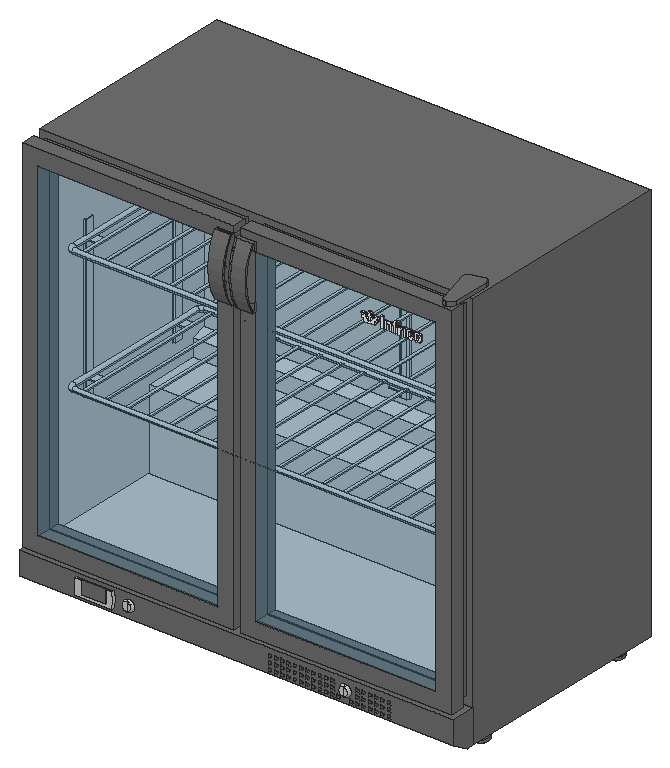
Revit family "QF_INFRICO_ERV25SH_250806113302", category Specialty Equipment, Revit 2021
Family settings
  Round Connector Dimension = Use Diameter
  Part Type = Normal
  OmniClass Number = 23.40.40.14
  OmniClass Title = Food Service Equipment
  Work Plane-Based = No
  Always vertical = Yes
  Cut with Voids When Loaded = No
  Shared = No
  Room Calculation Point = No
Parameters (values of type "ERV25SH")
  Weight [instance] = 0.00 kg
  Warranty Start Date [instance] = ""
  Warranty Duration [instance] = ""
  Volts [instance] = 230 V
  Volt Free Conn [instance] = no
  URL Recommended Spares List [instance] = ""
  URL Manufacturer [instance] = ""
  URL Cutsheet [instance] = ""
  URL Critical Spares List [instance] = ""
  URL = "www.infrico.com"
  Technical Documentation [instance] = ""
  Tag Number [instance] = ""
  Status [instance] = ""
  Start Up Current [instance] = 0 A
  Specification by User [instance] = ""
  Specification by Manufacturer [instance] = ""
  Sound Level [instance] = ""
  Show Logo [instance] = yes
  Show Clearances [instance] = yes
  Service Life Duration [instance] = ""
  Serial Number [instance] = ""
  Seismic Rating [instance] = ""
  SMACNA No [instance] = ""
  Revision Code [instance] = ""
  Revision [instance] = ""
  Production Year [instance] = ""
  Potential Equalisation [instance] = no
  Point Load [instance] = 0
  Phase [instance] = 1
  Other Equipment Approvals [instance] = ""
  Operational Current [instance] = 0 A
  Number of Poles [instance] = 2
  No Load Power Draw [instance] = no
  NAFEM Spec ID Number [instance] = ""
  Model Warning [instance] = ""
  Model = "ERV25SH"
  Min Ckt Ampacity [instance] = 0 A
  Max Overcurrent Protection [instance] = 0 A
  Masterspec [instance] = ""
  Manufacturer = "INFRICO"
  Main switch integrated [instance] = no
  Length Actual [instance] = 899.922 mm
  Item Number [instance] = ""
  Installed By [instance] = ""
  Installation Date [instance] = ""
  Identify Quantity as Lot [instance] = no
  ID [instance] = ""
  Hygiene Approval [instance] = ""
  Height Actual [instance] = 849.884 mm
  HP power [instance] = ""
  Furnished By [instance] = ""
  Foodservice Equipment Identifier [instance] = no
  FL Amps [instance] = 0 A
  Electrical Remarks [instance] = ""
  Electric power [instance] = 260 W
  Electric Connection Type [instance] = ""
  Elec Conn RI Height [instance] = 0 mm
  Elec Conn Connection Height [instance] = 0 mm
  ETL Approved [instance] = no
  Description = "BACK-BAR 850 MM HEIGHT - TWO DOORS - R290"
  Depth Actual [instance] = 510.032 mm
  Default Elevation = 0 mm
  Cycle [instance] = 50 Hz
  Cost = 0
  Connection to energy optimisation system [instance] = yes
  Conn Plug [instance] = ""
  Conn Conduit [instance] = no
  Centralized building control system with digital interface [instance] = ""
  CSI MasterFormat [instance] = ""
  CE Approved [instance] = no
  Barcode [instance] = 0
  Author [instance] = ""
  Asset Identifier [instance] = ""
  Apparent Power [instance] = 260 VA
  Accessory [instance] = no
Reference planes
  plane 1 "Center (Front/Back)": y = 0
  plane 2: z = 0
  plane 3 "Center (Left/Right)": x = 0
Forms (mm)
  Extrusion 1, solid, not visible
    sketch origin (308.015, -2, 35.002) x (1, 0, 0) y (0, 1, 0)
      loop
        line (-2, 2) -> (-2, -2) -> (2, -2) -> (2, 2) -> (-2, 2)
    from -2 to 2
Dimensions and locks
  locked: Extrusion 1 to nested 2
  locked: nested 2 to Extrusion 1 at 2
  aligned and locked: level to plane 2
Nested families
  nested 1: "QF_INFRICO_ERV25SH_2920" at (0, 0, 0), type "ERV25SH"
    with Weight 0.00 kg, Warranty Start Date "", Warranty Duration "", URL Cutsheet "", Technical Documentation "", Tag Number "", Status "", Specification by User "", Specification by Manufacturer "", Sound Level "", Solid Fuel Type "", Show Logo yes, Show Clearances yes, Show Clearance yes, Service Life Duration "", Serial Number "", Seismic Rating "", SMACNA No "", Revision Code "", Revision "", Production Year "", Point Load 0, Other Equipment Approvals "", NAFEM Spec ID Number "", Model Warning "", Masterspec "", Length Actual 899.922 mm, Item Number "", Installed By "", Installation Date "", Identify Quantity as Lot yes, ID "", Hygiene Approval "", Height Actual 849.884 mm, Furnished By "", Foodservice Equipment Identifier yes, ETL Approved yes, Depth Actual 510.032 mm, CSI MasterFormat "", CE Approved no, Barcode "", Author "", Asset Identifier "", Accessory no
  nested 2: "CONN_POINT_ELE_2D___Generic_Annotation" at (308.015, 0, 35.002), type "CONN_POINT_ELE_2D___Generic_Annotation"
    with Onboard connection annotation symbol visibility yes
Connectors
  electrical at (308.015, 0, 35.002), driven by "Apparent Power", driven by "Number of Poles", driven by "Volts"
    settings: on Extrusion 1, index 1, voltage 230 V, apparent load 0 VA, apparent load phase1 260 VA, apparent load phase2 0 VA, apparent load phase3 0 VA, power factor 1, load classification "Other", number of poles 2, system type 31, power factor state 1, is connector primary yes, connector utility no, sub classification motor no, connector description "Electrical connection for ERV25SH"
Definition of nested family "QF_INFRICO_ERV25SH_2920"
  Parameters (values of type "ERV25SH")
    Weight [instance] = 0.00 kg
    Warranty Start Date [instance] = ""
    Warranty Duration [instance] = ""
    URL Cutsheet [instance] = ""
    URL = "www.infrico.com"
    Technical Documentation [instance] = ""
    Tag Number [instance] = ""
    Status [instance] = ""
    Specification by User [instance] = ""
    Specification by Manufacturer [instance] = ""
    Sound Level [instance] = ""
    Solid Fuel Type [instance] = ""
    Show Logo [instance] = yes
    Show Clearances [instance] = yes
    Show Clearance [instance] = yes
    Service Life Duration [instance] = ""
    Serial Number [instance] = ""
    Seismic Rating [instance] = ""
    SMACNA No [instance] = ""
    Revision Code [instance] = ""
    Revision [instance] = ""
    Production Year [instance] = ""
    Point Load [instance] = 0
    Other Equipment Approvals [instance] = ""
    NAFEM Spec ID Number [instance] = ""
    Model Warning [instance] = ""
    Model = "ERV25SH"
    Masterspec [instance] = ""
    Manufacturer = "INFRICO"
    Length Actual [instance] = 0 mm
    Item Number [instance] = ""
    Installed By [instance] = ""
    Installation Date [instance] = ""
    Identify Quantity as Lot [instance] = yes
    ID [instance] = ""
    Hygiene Approval [instance] = ""
    Height Actual [instance] = 0 mm
    Furnished By [instance] = ""
    Foodservice Equipment Identifier [instance] = yes
    ETL Approved [instance] = yes
    Description = "BACK-BAR 850 MM HEIGHT - TWO DOORS - R290"
    Depth Actual [instance] = 0 mm
    Default Elevation = 0 mm
    CSI MasterFormat [instance] = ""
    CE Approved [instance] = yes
    Barcode [instance] = ""
    Author [instance] = ""
    Asset Identifier [instance] = ""
    Assembly Code = "E1090320"
    Accessory [instance] = yes
  Reference planes
    plane 1 "Back": y = 0
    plane 2: z = 0
    plane 3 "Left": x = 0
    plane 4 "Right": x = 900
    plane 5 "Front": y = -510
    plane 6 "Top": z = 850
  Forms (mm)
    Extrusion 1, solid
      sketch origin (0, 0, -18) x (0, 1, 0) y (0, 0, 1)
        loop
          line (0, 860) -> (-460, 860) -> (-460, 30) -> (0, 30) -> (0, 860)
      from 0 to 30
    Extrusion 2, solid
      sketch origin (870, 0, -18) x (0, 1, 0) y (0, 0, 1)
        loop
          line (0, 860) -> (-460, 860) -> (-460, 30) -> (0, 30) -> (0, 860)
      from 0 to 30
    Extrusion 3, solid
      sketch origin (0, 0, -13) x (1, 0, 0) y (0, 0, 1)
        loop
          line (30, 843) -> (30, 254) -> (870, 254) -> (870, 843) -> (30, 843)
      from 0 to 12
    Extrusion 4, solid
      sketch origin (0, 0, -13) x (1, 0, 0) y (0, 0, 1)
        loop
          line (30, 254) -> (30, 25) -> (870, 25) -> (870, 254) -> (30, 254)
      from 0 to 12
    Extrusion 5, solid
      sketch origin (0, 0, -13) x (0, 1, 0) y (0, 0, 1)
        loop
          line (-12, 25) -> (-12, 35) -> (-460, 35) -> (-460, 25) -> (-12, 25)
      from 30 to 870
    Extrusion 6, solid
      sketch origin (0, 0, -112) x (0, 1, 0) y (0, 0, 1)
        loop
          line (-473, 124) -> (-460, 124) -> (-460, 144) -> (-510, 144) -> (-473, 124)
      from 0 to 900
    Extrusion 7, solid
      sketch origin (-856, -515, -482) x (1, 0, 0) y (0, 0, -1)
        loop
          arc (974, -555) -> (1012.5, -557) -> (1051, -555) r 371.563
          arc (1051, -555) -> (1052, -539) -> (1051, -523) r 128.5
          arc (1051, -523) -> (1012.5, -521) -> (974, -523) r 371.563
          arc (974, -523) -> (973, -539) -> (974, -555) r 128.5
      from 0 to 5
    Extrusion 8, solid
      sketch origin (-856, -515.1, -482) x (1, 0, 0) y (0, 0, -1)
        loop
          line (1038, -528.124) -> (987, -528.124) -> (987, -556.124)
          arc (987, -556.124) -> (1012.5, -557) -> (1038, -556.124) r 371.563
          line (1038, -556.124) -> (1038, -528.124)
      from 0 to 2
    Extrusion 9, solid
      sketch origin (300, -480, 0.5) x (1, 0, 0) y (0, 0, 1)
        loop
          line (157, 839.5) -> (157, 87.5) -> (595, 87.5) -> (595, 839.5) -> (157, 839.5)
        loop
          line (563, 807.5) -> (189, 807.5) -> (189, 119.5) -> (563, 119.5) -> (563, 807.5)
      from 0 to 30
    Extrusion 10, solid
      sketch origin (-700, -460, 0.5) x (1, 0, 0) y (0, 0, 1)
        loop
          line (1167, 829.5) -> (1167, 97.5) -> (1585, 97.5) -> (1585, 829.5) -> (1167, 829.5)
        loop
          line (1189, 807.5) -> (1189, 119.5) -> (1563, 119.5) -> (1563, 807.5) -> (1189, 807.5)
      from 0 to 20
    Extrusion 11, solid, visible <- "Show Logo"
      sketch origin (-453.231, -510, 62.214) x (1, 0, 0) y (0, 0, 1)
        loop
          line (1208.799, 696.53) -> (1208.799, 719.204) -> (1204.173, 719.204) -> (1204.173, 696.53) -> (1208.799, 696.53)
        loop
          line (1214.779, 713.006) -> (1211.283, 713.006) -> (1211.283, 696.53) -> (1215.772, 696.53) -> (1215.772, 707.832)
          arc (1215.772, 707.832) -> (1217.528, 708.741) -> (1219.417, 709.324) r 11.052
          arc (1219.417, 709.324) -> (1220.929, 708.961) -> (1221.598, 707.557) r 1.806
          line (1221.598, 707.557) -> (1221.598, 696.53) -> (1226.121, 696.53) -> (1226.121, 708.689)
          arc (1226.121, 708.689) -> (1224.637, 712.075) -> (1221.141, 713.281) r 4.607
          arc (1221.141, 713.281) -> (1218.282, 712.674) -> (1215.669, 711.361) r 11.435
          line (1215.669, 711.361) -> (1215.601, 712.184)
          arc (1215.601, 712.184) -> (1215.36, 712.765) -> (1214.779, 713.006) r 0.822
        loop
          line (1238.557, 720.102) -> (1237.306, 720.102)
          arc (1237.306, 720.102) -> (1235.052, 719.926) -> (1232.881, 719.297) r 11.103
          arc (1232.881, 719.297) -> (1230.805, 717.616) -> (1230.024, 715.062) r 4.567
          line (1230.024, 715.062) -> (1230.024, 712.909) -> (1227.351, 712.703) -> (1227.351, 709.374) -> (1230.024, 709.374) -> (1230.024, 696.53) -> (1234.547, 696.53) -> (1234.547, 709.374) -> (1238.249, 709.374) -> (1238.249, 712.938) -> (1234.547, 712.938) -> (1234.547, 714.548)
          arc (1234.547, 714.548) -> (1234.956, 715.705) -> (1236.045, 716.271) r 1.67
          line (1236.045, 716.271) -> (1237.7, 716.399)
          arc (1237.7, 716.399) -> (1238.306, 716.65) -> (1238.557, 717.255) r 0.857
          line (1238.557, 717.255) -> (1238.557, 720.102)
        loop
          line (1239.479, 713.006) -> (1239.479, 696.53) -> (1243.968, 696.53) -> (1243.968, 707.352)
          arc (1243.968, 707.352) -> (1245.873, 708.631) -> (1248.077, 709.268) r 7.435
          line (1248.077, 709.268) -> (1249.241, 709.416)
          arc (1249.241, 709.416) -> (1249.643, 709.758) -> (1249.793, 710.265) r 0.928
          line (1249.793, 710.265) -> (1249.793, 712.458)
          arc (1249.793, 712.458) -> (1249.531, 713.061) -> (1248.912, 713.28) r 0.824
          arc (1248.912, 713.28) -> (1246.197, 712.588) -> (1243.899, 710.984) r 7.833
          line (1243.899, 710.984) -> (1243.726, 713.006) -> (1239.479, 713.006)
        loop
          line (1255.495, 696.53) -> (1255.495, 713.006) -> (1251.006, 713.006) -> (1251.006, 696.53) -> (1255.495, 696.53)
        loop
          arc (1257.421, 701.327) -> (1258.567, 698.188) -> (1261.466, 696.525) r 4.873
          arc (1261.466, 696.525) -> (1264.493, 696.266) -> (1267.521, 696.525) r 17.816
          arc (1267.521, 696.525) -> (1270.575, 699.134) -> (1271.505, 703.041) r 6.481
          line (1271.505, 703.041) -> (1267.187, 703.041) -> (1267.187, 701.67)
          arc (1267.187, 701.67) -> (1266.64, 700.452) -> (1265.442, 699.865) r 1.965
          arc (1265.442, 699.865) -> (1264.547, 699.816) -> (1263.653, 699.865) r 8.196
          arc (1263.653, 699.865) -> (1262.417, 700.415) -> (1261.91, 701.67) r 1.806
          line (1261.91, 701.67) -> (1261.91, 707.9)
          arc (1261.91, 707.9) -> (1262.417, 709.155) -> (1263.653, 709.705) r 1.806
          arc (1263.653, 709.705) -> (1264.547, 709.754) -> (1265.442, 709.705) r 8.196
          arc (1265.442, 709.705) -> (1266.64, 709.118) -> (1267.187, 707.9) r 1.965
          line (1267.187, 707.9) -> (1267.187, 706.838) -> (1271.505, 706.838)
          arc (1271.505, 706.838) -> (1270.524, 710.556) -> (1267.521, 712.959) r 6.132
          arc (1267.521, 712.959) -> (1264.493, 713.294) -> (1261.466, 712.959) r 13.851
          arc (1261.466, 712.959) -> (1258.571, 711.349) -> (1257.421, 708.243) r 4.772
          line (1257.421, 708.243) -> (1257.421, 701.327)
        loop
          arc (1272.916, 701.329) -> (1273.993, 698.345) -> (1276.726, 696.734) r 4.676
          arc (1276.726, 696.734) -> (1278.515, 696.455) -> (1280.318, 696.291) r 28.371
          arc (1280.318, 696.291) -> (1282.122, 696.455) -> (1283.911, 696.734) r 28.371
          arc (1283.911, 696.734) -> (1286.644, 698.345) -> (1287.72, 701.329) r 4.676
          line (1287.72, 701.329) -> (1287.72, 708.242)
          arc (1287.72, 708.242) -> (1286.644, 711.226) -> (1283.911, 712.837) r 4.676
          arc (1283.911, 712.837) -> (1282.122, 713.116) -> (1280.318, 713.28) r 28.371
          arc (1280.318, 713.28) -> (1278.515, 713.116) -> (1276.726, 712.837) r 28.371
          arc (1276.726, 712.837) -> (1273.993, 711.226) -> (1272.916, 708.242) r 4.676
          line (1272.916, 708.242) -> (1272.916, 701.329)
        loop
          line (1277.405, 707.866) -> (1277.405, 701.705)
          arc (1277.405, 701.705) -> (1277.844, 700.556) -> (1278.936, 699.991) r 1.725
          arc (1278.936, 699.991) -> (1279.627, 699.918) -> (1280.318, 699.856) r 46.133
          arc (1280.318, 699.856) -> (1281.01, 699.918) -> (1281.701, 699.991) r 46.133
          arc (1281.701, 699.991) -> (1282.793, 700.556) -> (1283.231, 701.705) r 1.725
          line (1283.231, 701.705) -> (1283.231, 707.866)
          arc (1283.231, 707.866) -> (1282.793, 709.015) -> (1281.701, 709.58) r 1.725
          arc (1281.701, 709.58) -> (1281.01, 709.653) -> (1280.318, 709.716) r 46.133
          arc (1280.318, 709.716) -> (1279.627, 709.653) -> (1278.936, 709.58) r 46.133
          arc (1278.936, 709.58) -> (1277.844, 709.015) -> (1277.405, 707.866) r 1.725
        loop
          arc (1190.339, 696.543) -> (1191.411, 696.987) -> (1191.856, 698.059) r 1.516
          line (1191.856, 698.059) -> (1191.856, 703.891) -> (1196.035, 703.891)
          arc (1196.035, 703.891) -> (1196.79, 704.121) -> (1197.218, 704.782) r 1.147
          line (1197.218, 704.782) -> (1197.218, 706.211)
          arc (1197.218, 706.211) -> (1196.787, 707.258) -> (1195.719, 707.634) r 1.385
          line (1195.719, 707.634) -> (1194.52, 707.634) -> (1197.218, 710.332)
          arc (1197.218, 710.332) -> (1197.605, 711.266) -> (1197.218, 712.2) r 1.321
          line (1197.218, 712.2) -> (1196.495, 712.923)
          arc (1196.495, 712.923) -> (1195.54, 713.338) -> (1194.558, 712.991) r 1.422
          line (1194.558, 712.991) -> (1191.853, 710.286) -> (1191.853, 711.479)
          arc (1191.853, 711.479) -> (1191.443, 712.516) -> (1190.435, 712.992) r 1.516
          line (1190.435, 712.992) -> (1189.514, 712.992)
          arc (1189.514, 712.992) -> (1188.511, 712.514) -> (1188.103, 711.479) r 1.516
          line (1188.103, 711.479) -> (1188.103, 706.83) -> (1182.073, 701.336) -> (1182.073, 707.509) -> (1185.639, 711.075)
          arc (1185.639, 711.075) -> (1186.053, 712.073) -> (1185.639, 713.071) r 1.412
          line (1185.639, 713.071) -> (1184.987, 713.723)
          arc (1184.987, 713.723) -> (1183.939, 714.141) -> (1182.915, 713.667) r 1.428
          line (1182.915, 713.667) -> (1182.073, 712.825) -> (1182.073, 717.784)
          arc (1182.073, 717.784) -> (1181.658, 718.787) -> (1180.655, 719.203) r 1.418
          line (1180.655, 719.203) -> (1179.726, 719.203)
          arc (1179.726, 719.203) -> (1178.723, 718.787) -> (1178.308, 717.784) r 1.418
          line (1178.308, 717.784) -> (1178.308, 712.825) -> (1177.466, 713.667)
          arc (1177.466, 713.667) -> (1176.442, 714.141) -> (1175.394, 713.723) r 1.428
          line (1175.394, 713.723) -> (1174.742, 713.071)
          arc (1174.742, 713.071) -> (1174.328, 712.073) -> (1174.742, 711.075) r 1.412
          line (1174.742, 711.075) -> (1178.308, 707.509) -> (1178.308, 701.336) -> (1172.278, 706.83) -> (1172.278, 711.479)
          arc (1172.278, 711.479) -> (1171.87, 712.514) -> (1170.867, 712.992) r 1.516
          line (1170.867, 712.992) -> (1169.946, 712.992)
          arc (1169.946, 712.992) -> (1168.938, 712.516) -> (1168.528, 711.479) r 1.516
          line (1168.528, 711.479) -> (1168.528, 710.286) -> (1165.823, 712.991)
          arc (1165.823, 712.991) -> (1164.841, 713.338) -> (1163.886, 712.923) r 1.422
          line (1163.886, 712.923) -> (1163.163, 712.2)
          arc (1163.163, 712.2) -> (1162.776, 711.266) -> (1163.163, 710.332) r 1.321
          line (1163.163, 710.332) -> (1165.861, 707.634) -> (1164.662, 707.634)
          arc (1164.662, 707.634) -> (1163.594, 707.258) -> (1163.163, 706.211) r 1.385
          line (1163.163, 706.211) -> (1163.163, 704.782)
          arc (1163.163, 704.782) -> (1163.591, 704.121) -> (1164.346, 703.891) r 1.147
          line (1164.346, 703.891) -> (1168.525, 703.891) -> (1168.525, 698.059)
          arc (1168.525, 698.059) -> (1168.969, 696.987) -> (1170.042, 696.543) r 1.516
          line (1170.042, 696.543) -> (1190.339, 696.543)
      from 0 to 2
    Extrusion 12, solid
      sketch origin (-548, -510, -71.5) x (1, 0, 0) y (0, 0, 1)
        loop
          line (1005, 897.5) -> (1005, 895.5) -> (1037, 880.5) -> (1037, 897.5) -> (1005, 897.5)
      from 0 to 3
    Extrusion 13, solid
      sketch origin (-548, -510, 1593.5) x (1, 0, 0) y (0, 0, 1)
        loop
          line (1005, -897.5) -> (1037, -897.5) -> (1037, -880.5) -> (1005, -895.5) -> (1005, -897.5)
      from 0 to 3
    Extrusion 14, solid
      sketch origin (-548, 0, -21.5) x (0, 1, 0) y (0, 0, 1)
        loop
          line (-513, 845.5) -> (-513, 847.5) -> (-518.104, 847.5)
          arc (-518.104, 847.5) -> (-537.038, 782.5) -> (-518.104, 717.5) r 121.038
          line (-518.104, 717.5) -> (-513, 717.5) -> (-513, 719.5) -> (-517, 719.5)
          arc (-517, 719.5) -> (-535.038, 782.5) -> (-517, 845.5) r 119.038
          line (-517, 845.5) -> (-513, 845.5)
      from 1005 to 1037
    Extrusion 15, solid
      sketch origin (-548, 0, 576) x (1, 0, 0) y (0, 1, 0)
        loop
          line (1005, -513) -> (1005, -487) -> (1002, -490) -> (1002, -513) -> (1005, -513)
      from 120 to 250
    Extrusion 16, solid
      sketch origin (-548, 0, -21.5) x (0, 1, 0) y (0, 0, 1)
        loop
          line (-513, 847.5) -> (-518.104, 847.5)
          arc (-518.104, 847.5) -> (-537.038, 782.5) -> (-518.104, 717.5) r 121.038
          line (-518.104, 717.5) -> (-513, 717.5) -> (-513, 847.5)
      from 1002 to 1005
    Revolve 17, solid
      sketch origin (15, -70, 0) x (0, 1, 0) y (0, 0, 1)
        loop
          line (0, 0) -> (0, 12) -> (-5, 12) -> (-5, 9.5) -> (-13, 9.5)
          arc (-13, 9.5) -> (-14.414, 8.914) -> (-15, 7.5) r 2
          line (-15, 7.5) -> (-15, 2.5) -> (-12, 2.5) -> (-12, 0) -> (0, 0)
        axis (0, 0) -> (0, 12)
      angle from 0 to 360
    Revolve 18, solid
      sketch origin (15, -420, 0) x (0, 1, 0) y (0, 0, 1)
        loop
          line (0, 0) -> (0, 12) -> (-5, 12) -> (-5, 9.5) -> (-13, 9.5)
          arc (-13, 9.5) -> (-14.414, 8.914) -> (-15, 7.5) r 2
          line (-15, 7.5) -> (-15, 2.5) -> (-12, 2.5) -> (-12, 0) -> (0, 0)
        axis (0, 0) -> (0, 12)
      angle from 0 to 360
    Revolve 19, solid
      sketch origin (885, -70, 0) x (0, 1, 0) y (0, 0, 1)
        loop
          line (0, 0) -> (0, 12) -> (-5, 12) -> (-5, 9.5) -> (-13, 9.5)
          arc (-13, 9.5) -> (-14.414, 8.914) -> (-15, 7.5) r 2
          line (-15, 7.5) -> (-15, 2.5) -> (-12, 2.5) -> (-12, 0) -> (0, 0)
        axis (0, 0) -> (0, 12)
      angle from 0 to 360
    Revolve 20, solid
      sketch origin (885, -420, 0) x (0, 1, 0) y (0, 0, 1)
        loop
          line (0, 0) -> (0, 12) -> (-5, 12) -> (-5, 9.5) -> (-13, 9.5)
          arc (-13, 9.5) -> (-14.414, 8.914) -> (-15, 7.5) r 2
          line (-15, 7.5) -> (-15, 2.5) -> (-12, 2.5) -> (-12, 0) -> (0, 0)
        axis (0, 0) -> (0, 12)
      angle from 0 to 360
    Revolve 21, solid
      sketch origin (225, 0, 13.5) x (0, 1, 0) y (0, 0, 1)
        loop
          line (-515, 34.5) -> (-510, 32) -> (-510, 43.5) -> (-515, 43.5) -> (-515, 34.5)
        axis (-510, 43.5) -> (-515, 43.5)
      angle from 0 to 360
    Extrusion 22, solid
      sketch origin (0, 0, -805) x (0, 1, 0) y (0, 0, 1)
        loop
          line (-458, 911) -> (-458, 899) -> (-204, 899) -> (-204, 1064) -> (-89, 1064) -> (-89, 1103.543) -> (-61, 1113.543) -> (-61, 1472.547) -> (-97.202, 1554) -> (-189, 1554) -> (-189, 1628) -> (-408, 1628) -> (-408, 1610) -> (-448, 1610) -> (-448, 1598) -> (-396, 1598) -> (-396, 1616) -> (-201, 1616) -> (-201, 1542) -> (-105, 1542) -> (-73, 1470) -> (-73, 1122) -> (-101, 1112) -> (-101, 1076) -> (-216, 1076) -> (-216, 911) -> (-458, 911)
      from 30 to 870
    Extrusion 23, solid, visible <- "Show Clearance", detail levels coarse
      sketch origin (900, 0, 13.5) x (-1, 0, 0) y (0, -1, 0)
        loop
          line (5, 510) -> (443, 510)
          arc (443, 510) -> (323.5, 798.5) -> (35, 918) r 408
          line (35, 918) -> (5, 918) -> (5, 510)
      from 84.5 to 826.5
    Extrusion 24, solid
      sketch origin (-700, -508, 13.5) x (1, 0, 0) y (0, 0, 1)
        loop
          line (1189, 794.5) -> (1189, 106.5) -> (1563, 106.5) -> (1563, 794.5) -> (1189, 794.5)
      from 0 to 2
    Extrusion 25, solid
      sketch origin (-925.627, -156, 323) x (1, 0, 0) y (0, 1, 0)
        loop
          line (957.627, 0) -> (958.627, 0) -> (958.627, 1) -> (962.627, 3) -> (962.627, 18) -> (958.627, 20) -> (958.627, 21) -> (957.627, 21) -> (957.627, 19.382) -> (961.627, 17.382) -> (961.627, 3.618) -> (957.627, 1.618) -> (957.627, 0)
      from 0 to 330
    Extrusion 26, solid
      sketch origin (-829.627, -156, 616) x (1, 0, 0) y (0, 1, 0)
        loop
          line (862.627, 21) -> (862.627, 20) -> (866.627, 18) -> (866.627, 3) -> (862.627, 1) -> (862.627, 0) -> (892.627, 0) -> (892.627, 21) -> (862.627, 21)
      from 0 to 2
    Extrusion 27, solid
      sketch origin (-829.627, -156, 358) x (1, 0, 0) y (0, 1, 0)
        loop
          line (862.627, 21) -> (862.627, 20) -> (866.627, 18) -> (866.627, 3) -> (862.627, 1) -> (862.627, 0) -> (892.627, 0) -> (892.627, 21) -> (862.627, 21)
      from 0 to 2
    Extrusion 28, solid
      sketch origin (-925.627, -386, 323) x (1, 0, 0) y (0, 1, 0)
        loop
          line (957.627, 0) -> (958.627, 0) -> (958.627, 1) -> (962.627, 3) -> (962.627, 18) -> (958.627, 20) -> (958.627, 21) -> (957.627, 21) -> (957.627, 19.382) -> (961.627, 17.382) -> (961.627, 3.618) -> (957.627, 1.618) -> (957.627, 0)
      from 0 to 330
    Extrusion 29, solid
      sketch origin (-829.627, -386, 616) x (1, 0, 0) y (0, 1, 0)
        loop
          line (862.627, 21) -> (862.627, 20) -> (866.627, 18) -> (866.627, 3) -> (862.627, 1) -> (862.627, 0) -> (892.627, 0) -> (892.627, 21) -> (862.627, 21)
      from 0 to 2
    Extrusion 30, solid
      sketch origin (-829.627, -386, 358) x (1, 0, 0) y (0, 1, 0)
        loop
          line (862.627, 21) -> (862.627, 20) -> (866.627, 18) -> (866.627, 3) -> (862.627, 1) -> (862.627, 0) -> (892.627, 0) -> (892.627, 21) -> (862.627, 21)
      from 0 to 2
    Extrusion 31, solid
      sketch origin (1825.627, -156, 323) x (-1, 0, 0) y (0, -1, 0)
        loop
          line (957.627, 0) -> (957.627, -1.618) -> (961.627, -3.618) -> (961.627, -17.382) -> (957.627, -19.382) -> (957.627, -21) -> (958.627, -21) -> (958.627, -20) -> (962.627, -18) -> (962.627, -3) -> (958.627, -1) -> (958.627, 0) -> (957.627, 0)
      from 0 to 330
    Extrusion 32, solid
      sketch origin (1729.627, -156, 616) x (-1, 0, 0) y (0, -1, 0)
        loop
          line (862.627, -21) -> (892.627, -21) -> (892.627, 0) -> (862.627, 0) -> (862.627, -1) -> (866.627, -3) -> (866.627, -18) -> (862.627, -20) -> (862.627, -21)
      from 0 to 2
    Extrusion 33, solid
      sketch origin (1729.627, -156, 358) x (-1, 0, 0) y (0, -1, 0)
        loop
          line (862.627, -21) -> (892.627, -21) -> (892.627, 0) -> (862.627, 0) -> (862.627, -1) -> (866.627, -3) -> (866.627, -18) -> (862.627, -20) -> (862.627, -21)
      from 0 to 2
    Extrusion 34, solid
      sketch origin (1825.627, -386, 323) x (-1, 0, 0) y (0, -1, 0)
        loop
          line (957.627, 0) -> (957.627, -1.618) -> (961.627, -3.618) -> (961.627, -17.382) -> (957.627, -19.382) -> (957.627, -21) -> (958.627, -21) -> (958.627, -20) -> (962.627, -18) -> (962.627, -3) -> (958.627, -1) -> (958.627, 0) -> (957.627, 0)
      from 0 to 330
    Extrusion 35, solid
      sketch origin (1729.627, -386, 616) x (-1, 0, 0) y (0, -1, 0)
        loop
          line (862.627, -21) -> (892.627, -21) -> (892.627, 0) -> (862.627, 0) -> (862.627, -1) -> (866.627, -3) -> (866.627, -18) -> (862.627, -20) -> (862.627, -21)
      from 0 to 2
    Extrusion 36, solid
      sketch origin (1729.627, -386, 358) x (-1, 0, 0) y (0, -1, 0)
        loop
          line (862.627, -21) -> (892.627, -21) -> (892.627, 0) -> (862.627, 0) -> (862.627, -1) -> (866.627, -3) -> (866.627, -18) -> (862.627, -20) -> (862.627, -21)
      from 0 to 2
    Extrusion 37, solid
      sketch origin (0, 0, 0) x (0, 1, 0) y (0, 0, 1)
        loop
          line (-460, 106) -> (-460, 82) -> (-458, 82) -> (-458, 106) -> (-460, 106)
      from 30 to 413
    Extrusion 38, solid
      sketch origin (0, 0, 830) x (1, 0, 0) y (0, 1, 0)
        loop
          line (30, 0) -> (30, -460) -> (870, -460) -> (870, 0) -> (30, 0)
      from 0 to 12
    Extrusion 39, solid
      sketch origin (-88, 17, 842) x (1, 0, 0) y (0, 1, 0)
        loop
          line (980, -510) -> (980, -432)
          arc (980, -432) -> (976.342, -424.19) -> (968, -422) r 10.167
          line (968, -422) -> (946, -427)
          arc (946, -427) -> (938.972, -431.75) -> (937, -440) r 11.702
          line (937, -440) -> (957, -515)
          arc (957, -515) -> (961.135, -520.644) -> (968, -522) r 9.632
          line (968, -522) -> (969.932, -521.485)
          arc (969.932, -521.485) -> (976.713, -517.273) -> (980, -510) r 13.716
      from 0 to 8
    Extrusion 40, solid
      sketch origin (0, -1000, 0) x (0, 1, 0) y (0, 0, 1)
        loop
          line (540, 793) -> (540, 106) -> (784, 106) -> (784, 271) -> (899, 271) -> (899, 307) -> (927, 317) -> (927, 665) -> (895, 737) -> (799, 737) -> (799, 811) -> (604, 811) -> (604, 793) -> (540, 793)
      from 30 to 32
    Extrusion 41, solid
      sketch origin (838, -1000, 0) x (0, 1, 0) y (0, 0, 1)
        loop
          line (540, 793) -> (540, 106) -> (784, 106) -> (784, 271) -> (899, 271) -> (899, 307) -> (927, 317) -> (927, 665) -> (895, 737) -> (799, 737) -> (799, 811) -> (604, 811) -> (604, 793) -> (540, 793)
      from 30 to 32
    Sweep 42, solid
      path origin (-1000, 0, 365) x (1, 0, 0) y (0, 1, 0)
        loop
          arc (1052, -95) -> (1044.929, -97.929) -> (1042, -105) r 10
          line (1042, -105) -> (1042, -425)
          arc (1042, -425) -> (1044.929, -432.071) -> (1052, -435) r 10
          line (1052, -435) -> (1848, -435)
          arc (1848, -435) -> (1855.071, -432.071) -> (1858, -425) r 10
          line (1858, -425) -> (1858, -105)
          arc (1858, -105) -> (1855.071, -97.929) -> (1848, -95) r 10
          line (1848, -95) -> (1052, -95)
      profile origin (450, -95, 365) x (0, 1, 0) y (0, 0, 1)
        loop
          circle (0, 0) r 5
    Extrusion 43, solid
      sketch origin (-1000, 5, -810) x (1, 0, 0) y (0, 0, 1)
        loop
          circle (1337.5, 1433) r 2.5
        loop
          circle (1382.5, 1433) r 2.5
        loop
          circle (1427.5, 1433) r 2.5
        loop
          circle (1472.5, 1433) r 2.5
        loop
          circle (1517.5, 1433) r 2.5
        loop
          circle (1067.5, 1433) r 2.5
        loop
          circle (1112.5, 1433) r 2.5
        loop
          circle (1157.5, 1433) r 2.5
        loop
          circle (1202.5, 1433) r 2.5
        loop
          circle (1247.5, 1433) r 2.5
        loop
          circle (1292.5, 1433) r 2.5
        loop
          circle (1562.5, 1433) r 2.5
        loop
          circle (1607.5, 1433) r 2.5
        loop
          circle (1652.5, 1433) r 2.5
        loop
          circle (1697.5, 1433) r 2.5
        loop
          circle (1742.5, 1433) r 2.5
        loop
          circle (1787.5, 1433) r 2.5
        loop
          circle (1832.5, 1433) r 2.5
      from 100 to 440
    Sweep 44, solid
      path origin (-1000, 0, 623) x (1, 0, 0) y (0, 1, 0)
        loop
          arc (1052, -95) -> (1044.929, -97.929) -> (1042, -105) r 10
          line (1042, -105) -> (1042, -425)
          arc (1042, -425) -> (1044.929, -432.071) -> (1052, -435) r 10
          line (1052, -435) -> (1848, -435)
          arc (1848, -435) -> (1855.071, -432.071) -> (1858, -425) r 10
          line (1858, -425) -> (1858, -105)
          arc (1858, -105) -> (1855.071, -97.929) -> (1848, -95) r 10
          line (1848, -95) -> (1052, -95)
      profile origin (450, -95, 623) x (0, 1, 0) y (0, 0, 1)
        loop
          circle (0, 0) r 5
    Extrusion 45, solid
      sketch origin (-1000, 0, 0) x (1, 0, 0) y (0, 0, 1)
        loop
          line (1000, 82) -> (1000, 32) -> (1900, 32) -> (1900, 82) -> (1000, 82)
        loop
          line (1515, 70) -> (1515, 62) -> (1523, 62) -> (1523, 70) -> (1515, 70)
        loop
          line (1528, 70) -> (1528, 62) -> (1536, 62) -> (1536, 70) -> (1528, 70)
        loop
          line (1541, 70) -> (1541, 62) -> (1549, 62) -> (1549, 70) -> (1541, 70)
        loop
          line (1554, 70) -> (1554, 62) -> (1562, 62) -> (1562, 70) -> (1554, 70)
        loop
          line (1567, 70) -> (1567, 62) -> (1575, 62) -> (1575, 70) -> (1567, 70)
        loop
          line (1580, 70) -> (1580, 62) -> (1588, 62) -> (1588, 70) -> (1580, 70)
        loop
          line (1593, 70) -> (1593, 62) -> (1601, 62) -> (1601, 70) -> (1593, 70)
        loop
          line (1606, 70) -> (1606, 62) -> (1614, 62) -> (1614, 70) -> (1606, 70)
        loop
          line (1619, 70) -> (1619, 62) -> (1627, 62) -> (1627, 70) -> (1619, 70)
        loop
          line (1632, 70) -> (1632, 62) -> (1640, 62) -> (1640, 70) -> (1632, 70)
        loop
          line (1645, 70) -> (1645, 62) -> (1653, 62) -> (1653, 70) -> (1645, 70)
        loop
          line (1515, 57) -> (1515, 49) -> (1523, 49) -> (1523, 57) -> (1515, 57)
        loop
          line (1528, 57) -> (1528, 49) -> (1536, 49) -> (1536, 57) -> (1528, 57)
        loop
          line (1541, 57) -> (1541, 49) -> (1549, 49) -> (1549, 57) -> (1541, 57)
        loop
          line (1554, 57) -> (1554, 49) -> (1562, 49) -> (1562, 57) -> (1554, 57)
        loop
          line (1567, 57) -> (1567, 49) -> (1575, 49) -> (1575, 57) -> (1567, 57)
        loop
          line (1580, 57) -> (1580, 49) -> (1588, 49) -> (1588, 57) -> (1580, 57)
        loop
          line (1593, 57) -> (1593, 49) -> (1601, 49) -> (1601, 57) -> (1593, 57)
        loop
          line (1606, 57) -> (1606, 49) -> (1614, 49) -> (1614, 57) -> (1606, 57)
        loop
          line (1619, 57) -> (1619, 49) -> (1627, 49) -> (1627, 57) -> (1619, 57)
        loop
          line (1632, 57) -> (1632, 49) -> (1640, 49) -> (1640, 57) -> (1632, 57)
        loop
          line (1645, 57) -> (1645, 49) -> (1653, 49) -> (1653, 57) -> (1645, 57)
        loop
          line (1515, 44) -> (1515, 36) -> (1523, 36) -> (1523, 44) -> (1515, 44)
        loop
          line (1528, 44) -> (1528, 36) -> (1536, 36) -> (1536, 44) -> (1528, 44)
        loop
          line (1541, 44) -> (1541, 36) -> (1549, 36) -> (1549, 44) -> (1541, 44)
        loop
          line (1554, 44) -> (1554, 36) -> (1562, 36) -> (1562, 44) -> (1554, 44)
        loop
          line (1567, 44) -> (1567, 36) -> (1575, 36) -> (1575, 44) -> (1567, 44)
        loop
          line (1580, 44) -> (1580, 36) -> (1588, 36) -> (1588, 44) -> (1580, 44)
        loop
          line (1593, 44) -> (1593, 36) -> (1601, 36) -> (1601, 44) -> (1593, 44)
        loop
          line (1606, 44) -> (1606, 36) -> (1614, 36) -> (1614, 44) -> (1606, 44)
        loop
          line (1619, 44) -> (1619, 36) -> (1627, 36) -> (1627, 44) -> (1619, 44)
        loop
          line (1632, 44) -> (1632, 36) -> (1640, 36) -> (1640, 44) -> (1632, 44)
        loop
          line (1645, 44) -> (1645, 36) -> (1653, 36) -> (1653, 44) -> (1645, 44)
        loop
          line (1658, 44) -> (1658, 36) -> (1666, 36) -> (1666, 44) -> (1658, 44)
        loop
          line (1692, 44) -> (1684, 44) -> (1684, 36) -> (1692, 36) -> (1692, 44)
        loop
          line (1770, 70) -> (1762, 70) -> (1762, 62) -> (1770, 62) -> (1770, 70)
        loop
          line (1757, 70) -> (1749, 70) -> (1749, 62) -> (1757, 62) -> (1757, 70)
        loop
          line (1744, 70) -> (1736, 70) -> (1736, 62) -> (1744, 62) -> (1744, 70)
        loop
          line (1731, 70) -> (1723, 70) -> (1723, 62) -> (1731, 62) -> (1731, 70)
        loop
          line (1718, 70) -> (1710, 70) -> (1710, 62) -> (1718, 62) -> (1718, 70)
        loop
          line (1705, 70) -> (1697, 70) -> (1697, 62) -> (1705, 62) -> (1705, 70)
        loop
          line (1770, 57) -> (1762, 57) -> (1762, 49) -> (1770, 49) -> (1770, 57)
        loop
          line (1757, 57) -> (1749, 57) -> (1749, 49) -> (1757, 49) -> (1757, 57)
        loop
          line (1744, 57) -> (1736, 57) -> (1736, 49) -> (1744, 49) -> (1744, 57)
        loop
          line (1731, 57) -> (1723, 57) -> (1723, 49) -> (1731, 49) -> (1731, 57)
        loop
          line (1718, 57) -> (1710, 57) -> (1710, 49) -> (1718, 49) -> (1718, 57)
        loop
          line (1705, 57) -> (1697, 57) -> (1697, 49) -> (1705, 49) -> (1705, 57)
        loop
          line (1770, 44) -> (1762, 44) -> (1762, 36) -> (1770, 36) -> (1770, 44)
        loop
          line (1757, 44) -> (1749, 44) -> (1749, 36) -> (1757, 36) -> (1757, 44)
        loop
          line (1744, 44) -> (1736, 44) -> (1736, 36) -> (1744, 36) -> (1744, 44)
        loop
          line (1731, 44) -> (1723, 44) -> (1723, 36) -> (1731, 36) -> (1731, 44)
        loop
          line (1718, 44) -> (1710, 44) -> (1710, 36) -> (1718, 36) -> (1718, 44)
        loop
          line (1705, 44) -> (1697, 44) -> (1697, 36) -> (1705, 36) -> (1705, 44)
      from 460 to 510
    Revolve 46, solid
      sketch origin (675, 0, 13.5) x (0, 1, 0) y (0, 0, -1)
        loop
          line (-515, -34.5) -> (-515, -43.5) -> (-510, -43.5) -> (-510, -32) -> (-515, -34.5)
        axis (-510, -43.5) -> (-515, -43.5)
      angle from 0 to 360
    Extrusion 47, solid
      sketch origin (600, -480, 0.5) x (-1, 0, 0) y (0, 0, -1)
        loop
          line (157, -839.5) -> (595, -839.5) -> (595, -87.5) -> (157, -87.5) -> (157, -839.5)
        loop
          line (563, -807.5) -> (563, -119.5) -> (189, -119.5) -> (189, -807.5) -> (563, -807.5)
      from 0 to 30
    Extrusion 48, solid
      sketch origin (1600, -460, 0.5) x (-1, 0, 0) y (0, 0, -1)
        loop
          line (1167, -829.5) -> (1585, -829.5) -> (1585, -97.5) -> (1167, -97.5) -> (1167, -829.5)
        loop
          line (1189, -807.5) -> (1563, -807.5) -> (1563, -119.5) -> (1189, -119.5) -> (1189, -807.5)
      from 0 to 20
    Extrusion 49, solid
      sketch origin (1448, -510, -71.5) x (-1, 0, 0) y (0, 0, -1)
        loop
          line (1005, -897.5) -> (1037, -897.5) -> (1037, -880.5) -> (1005, -895.5) -> (1005, -897.5)
      from 0 to 3
    Extrusion 50, solid
      sketch origin (1448, -510, 1593.5) x (-1, 0, 0) y (0, 0, -1)
        loop
          line (1005, 897.5) -> (1005, 895.5) -> (1037, 880.5) -> (1037, 897.5) -> (1005, 897.5)
      from 0 to 3
    Extrusion 51, solid
      sketch origin (1448, 0, -21.5) x (0, 1, 0) y (0, 0, -1)
        loop
          line (-513, -845.5) -> (-517, -845.5)
          arc (-517, -845.5) -> (-535.038, -782.5) -> (-517, -719.5) r 119.038
          line (-517, -719.5) -> (-513, -719.5) -> (-513, -717.5) -> (-518.104, -717.5)
          arc (-518.104, -717.5) -> (-537.038, -782.5) -> (-518.104, -847.5) r 121.038
          line (-518.104, -847.5) -> (-513, -847.5) -> (-513, -845.5)
      from 1005 to 1037
    Extrusion 52, solid
      sketch origin (1448, 0, 576) x (-1, 0, 0) y (0, -1, 0)
        loop
          line (1005, 513) -> (1002, 513) -> (1002, 490) -> (1005, 487) -> (1005, 513)
      from 120 to 250
    Extrusion 53, solid
      sketch origin (1448, 0, -21.5) x (0, 1, 0) y (0, 0, -1)
        loop
          line (-513, -847.5) -> (-513, -717.5) -> (-518.104, -717.5)
          arc (-518.104, -717.5) -> (-537.038, -782.5) -> (-518.104, -847.5) r 121.038
          line (-518.104, -847.5) -> (-513, -847.5)
      from 1002 to 1005
    Extrusion 54, solid, visible <- "Show Clearance", detail levels coarse
      sketch origin (0, 0, 13.5) x (1, 0, 0) y (0, 1, 0)
        loop
          line (5, -510) -> (5, -918) -> (35, -918)
          arc (35, -918) -> (323.5, -798.5) -> (443, -510) r 408
          line (443, -510) -> (5, -510)
      from 84.5 to 826.5
    Extrusion 55, solid
      sketch origin (1600, -508, 13.5) x (-1, 0, 0) y (0, 0, -1)
        loop
          line (1189, -794.5) -> (1563, -794.5) -> (1563, -106.5) -> (1189, -106.5) -> (1189, -794.5)
      from 0 to 2
    Extrusion 56, solid
      sketch origin (-1000, 5, -1068) x (1, 0, 0) y (0, 0, 1)
        loop
          circle (1337.5, 1433) r 2.5
        loop
          circle (1382.5, 1433) r 2.5
        loop
          circle (1427.5, 1433) r 2.5
        loop
          circle (1472.5, 1433) r 2.5
        loop
          circle (1517.5, 1433) r 2.5
        loop
          circle (1067.5, 1433) r 2.5
        loop
          circle (1112.5, 1433) r 2.5
        loop
          circle (1157.5, 1433) r 2.5
        loop
          circle (1202.5, 1433) r 2.5
        loop
          circle (1247.5, 1433) r 2.5
        loop
          circle (1292.5, 1433) r 2.5
        loop
          circle (1562.5, 1433) r 2.5
        loop
          circle (1607.5, 1433) r 2.5
        loop
          circle (1652.5, 1433) r 2.5
        loop
          circle (1697.5, 1433) r 2.5
        loop
          circle (1742.5, 1433) r 2.5
        loop
          circle (1787.5, 1433) r 2.5
        loop
          circle (1832.5, 1433) r 2.5
      from 100 to 440
    Extrusion 57, solid
      sketch origin (0, -458, 38) x (1, 0, 0) y (0, 0, 1)
        loop
          line (413, 755) -> (413, 44) -> (487, 44) -> (487, 755) -> (413, 755)
      from 0 to 2
    Extrusion 58, solid
      sketch origin (30, 0, -8) x (0, 1, 0) y (0, 0, 1)
        loop
          line (-460, 838) -> (-460, 801) -> (-448, 801) -> (-448, 838) -> (-460, 838)
      from 0 to 840
    Extrusion 59, solid
      sketch origin (457, 0, 0) x (0, 1, 0) y (0, 0, 1)
        loop
          line (-460, 106) -> (-460, 82) -> (-458, 82) -> (-458, 106) -> (-460, 106)
      from 30 to 413
    Extrusion 60, solid
      sketch origin (460.5, -1415.627, 323) x (0, 1, 0) y (-1, 0, 0)
        loop
          line (957.627, 0) -> (958.627, 0) -> (958.627, 1) -> (962.627, 3) -> (962.627, 18) -> (958.627, 20) -> (958.627, 21) -> (957.627, 21) -> (957.627, 19.382) -> (961.627, 17.382) -> (961.627, 3.618) -> (957.627, 1.618) -> (957.627, 0)
      from 0 to 330
    Extrusion 61, solid
      sketch origin (460.5, -1319.627, 616) x (0, 1, 0) y (-1, 0, 0)
        loop
          line (862.627, 21) -> (862.627, 20) -> (866.627, 18) -> (866.627, 3) -> (862.627, 1) -> (862.627, 0) -> (892.627, 0) -> (892.627, 21) -> (862.627, 21)
      from 0 to 2
    Extrusion 62, solid
      sketch origin (460.5, -1319.627, 358) x (0, 1, 0) y (-1, 0, 0)
        loop
          line (862.627, 21) -> (862.627, 20) -> (866.627, 18) -> (866.627, 3) -> (862.627, 1) -> (862.627, 0) -> (892.627, 0) -> (892.627, 21) -> (862.627, 21)
      from 0 to 2
    Extrusion 63, solid
      sketch origin (460.5, 884.627, 323) x (0, -1, 0) y (1, 0, 0)
        loop
          line (957.627, 0) -> (957.627, -1.618) -> (961.627, -3.618) -> (961.627, -17.382) -> (957.627, -19.382) -> (957.627, -21) -> (958.627, -21) -> (958.627, -20) -> (962.627, -18) -> (962.627, -3) -> (958.627, -1) -> (958.627, 0) -> (957.627, 0)
      from 9 to 330
    Extrusion 64, solid
      sketch origin (460.5, 788.627, 616) x (0, -1, 0) y (1, 0, 0)
        loop
          line (862.627, -21) -> (892.627, -21) -> (892.627, 0) -> (862.627, 0) -> (862.627, -1) -> (866.627, -3) -> (866.627, -18) -> (862.627, -20) -> (862.627, -21)
      from 0 to 2
    Extrusion 65, solid
      sketch origin (460.5, 788.627, 358) x (0, -1, 0) y (1, 0, 0)
        loop
          line (862.627, -21) -> (892.627, -21) -> (892.627, 0) -> (862.627, 0) -> (862.627, -1) -> (866.627, -3) -> (866.627, -18) -> (862.627, -20) -> (862.627, -21)
      from 0 to 2
  Cuts and joins
    joined: Extrusion 12, Extrusion 13, Extrusion 14, Extrusion 15, Extrusion 16
    joined: Extrusion 1, Extrusion 2, Extrusion 3, Extrusion 4, Extrusion 37, Extrusion 38, Extrusion 57, Extrusion 58, Extrusion 59
    joined: Extrusion 6, Extrusion 45
  Lines and regions (mm)
    symbolic lines
      curve 1: line (0, 0, 0) -> (900, 0, 0)
      curve 2: line (0, -510, 0) -> (0, 0, 0)
      curve 3: line (900, -510, 0) -> (0, -510, 0)
      curve 4: line (900, 0, 0) -> (900, -510, 0)
    symbolic lines, visible <- "Show Clearance"
      curve 5: line (865, -918, 0) -> (895, -918, 0)
      curve 6: line (895, -918, 0) -> (895, -510, 0)
      curve 7: arc (457, -510, 0) -> (576.5, -798.5, 0) -> (865, -918, 0) r 408
      curve 8: line (5, -510, 0) -> (5, -918, 0)
      curve 9: line (5, -918, 0) -> (35, -918, 0)
      curve 10: arc (35, -918, 0) -> (323.5, -798.5, 0) -> (443, -510, 0) r 408
  Dimensions and locks
    plane 1 "Back" to plane 5 "Front" = 510 mm  (x2)
    plane 3 "Left" to plane 4 "Right" = 900 mm
    plane 6 "Top" to level = 850 mm  (x2)
    plane 4 "Right" to plane 3 "Left" = 900 mm
    aligned and locked: level to plane 2
Definition of nested family "CONN_POINT_ELE_2D___Generic_Annotation"
  Parameters (values of type "CONN_POINT_ELE_2D___Generic_Annotation")
    Onboard connection annotation symbol visibility [instance] = yes
  Reference planes
    plane 1: y = 0
    plane 2: x = 0
  Lines and regions (mm)
    detail lines, visible <- "Onboard connection annotation symbol visibility"
      curve 1: circle (0, 0, 0) r 0.5 normal (0, 0, 1)
      curve 2: line (-1, 0, 0) -> (1, 0, 0)
      curve 3: line (0, 1, 0) -> (0, -1, 0)
      curve 4: line (2.5, 1, 0) -> (1.25, 1, 0)
      curve 5: line (1.25, 1, 0) -> (1.25, -1, 0)
      curve 6: line (1.25, -1, 0) -> (2.5, -1, 0)
      curve 7: line (1.25, 0, 0) -> (2, 0, 0)
